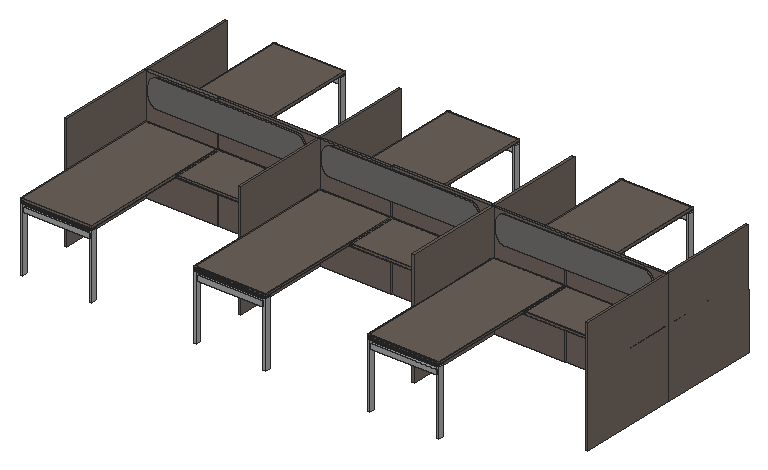
Revit family "T200179L", category Furniture, Revit 2015 (continued)
Definition of nested family "STAKS WORKSURFACE HEIGHT PEDESTAL - BOX-BOX-FILE - NO RISER SUPPORT"
  Automatic sketch dimensions
    Extrusion 13 sketch curve to plane 38 = 0.00 m
    Extrusion 13 sketch curve to plane 36 = 0.00 m
    Extrusion 13 sketch curve to Extrusion 13 sketch curve = 0.00 m  (x2)
    Extrusion 13 sketch curve to plane 16 = 0.00 m  (x2)
    plane 17 to Extrusion 13 sketch curve = 0.00 m  (x2)
Definition of nested family "STAKS SPINE OR DIVIDER WALL 48in"
  Parameters (values of type "STAKS SPINE OR DIVIDER WALL 48in X 30in")
    URL = "http://www.ofs.com/"
    Staks Spine or Divider Wall = none
    Height Above Floor [instance] = 1.2192 m
    Height = 1.2192 m
    Depth = 0.0254 m
    Model = "6-PAN-48/30"
    Manufacturer = "OFS"
    Description = "OFS STAKS SPINE OR DIVIDER WALL 48\" Height x 30\" Width, Levelers allow 2.5\" Height Adjustability for Uneven Floor"
    Width = 0.762 m
    Copyright © = "© 2018 OFS"
    Catalog = "https://ofs.com/products/casegoods/private-office/staks"
    Authoring Version = "Autodesk Revit Architecture 2013"
    Assembly Code = "E2020200"
  Types (19, lengths in m): name | Model | Description | Width
    STAKS SPINE OR DIVIDER WALL 48in X 24in | "6-PAN-48/24" | "OFS STAKS SPINE OR DIVIDER WALL 48\" Height x 24\" Width, Levelers allow 2.5\" Height Adjustability for Uneven Floor" | 0.6096
    STAKS SPINE OR DIVIDER WALL 48in X 33in | "6-PAN-48/33" | "OFS STAKS SPINE OR DIVIDER WALL 48\" Height x 33\" Width, Levelers allow 2.5\" Height Adjustability for Uneven Floor" | 0.8382
    STAKS SPINE OR DIVIDER WALL 48in X 26in | "6-PAN-48/26" | "OFS STAKS SPINE OR DIVIDER WALL 48\" Height x 26\" Width, Levelers allow 2.5\" Height Adjustability for Uneven Floor" | 0.6604
    STAKS SPINE OR DIVIDER WALL 48in X 30in | "6-PAN-48/30" | "OFS STAKS SPINE OR DIVIDER WALL 48\" Height x 30\" Width, Levelers allow 2.5\" Height Adjustability for Uneven Floor" | 0.762
    STAKS SPINE OR DIVIDER WALL 48in X 36in | "6-PAN-48/36" | "OFS STAKS SPINE OR DIVIDER WALL 48\" Height x 36\" Width, Levelers allow 2.5\" Height Adjustability for Uneven Floor" | 0.9144
    STAKS SPINE OR DIVIDER WALL 48in X 37in | "6-PAN-48/37" | "OFS STAKS SPINE OR DIVIDER WALL 48\" Height x 37\" Width, Levelers allow 2.5\" Height Adjustability for Uneven Floor" | 0.9398
    STAKS SPINE OR DIVIDER WALL 48in X 39in | "6-PAN-48/39" | "OFS STAKS SPINE OR DIVIDER WALL 48\" Height x 39\" Width, Levelers allow 2.5\" Height Adjustability for Uneven Floor" | 0.9906
    STAKS SPINE OR DIVIDER WALL 48in X 40in | "6-PAN-48/40" | "OFS STAKS SPINE OR DIVIDER WALL 48\" Height x 40\" Width, Levelers allow 2.5\" Height Adjustability for Uneven Floor" | 1.016
    STAKS SPINE OR DIVIDER WALL 48in X 42in | "6-PAN-48/42" | "OFS STAKS SPINE OR DIVIDER WALL 48\" Height x 42\" Width, Levelers allow 2.5\" Height Adjustability for Uneven Floor" | 1.0668
    STAKS SPINE OR DIVIDER WALL 48in X 44in | "6-PAN-48/44" | "OFS STAKS SPINE OR DIVIDER WALL 48\" Height x 44\" Width, Levelers allow 2.5\" Height Adjustability for Uneven Floor" | 1.1176
    STAKS SPINE OR DIVIDER WALL 48in X 45in | "6-PAN-48/45" | "OFS STAKS SPINE OR DIVIDER WALL 48\" Height x 45\" Width, Levelers allow 2.5\" Height Adjustability for Uneven Floor" | 1.143
    STAKS SPINE OR DIVIDER WALL 48in X 47in | "6-PAN-48/47" | "OFS STAKS SPINE OR DIVIDER WALL 48\" Height x 47\" Width, Levelers allow 2.5\" Height Adjustability for Uneven Floor" | 1.1938
    STAKS SPINE OR DIVIDER WALL 48in X 48in | "6-PAN-48/48" | "OFS STAKS SPINE OR DIVIDER WALL 48\" Height x 48\" Width, Levelers allow 2.5\" Height Adjustability for Uneven Floor" | 1.2192
    STAKS SPINE OR DIVIDER WALL 48in X 49in | "6-PAN-48/49" | "OFS STAKS SPINE OR DIVIDER WALL 48\" Height x 49\" Width, Levelers allow 2.5\" Height Adjustability for Uneven Floor" | 1.2446
    STAKS SPINE OR DIVIDER WALL 48in X 52in | "6-PAN-48/52" | "OFS STAKS SPINE OR DIVIDER WALL 48\" Height x 52\" Width, Levelers allow 2.5\" Height Adjustability for Uneven Floor" | 1.3208
    STAKS SPINE OR DIVIDER WALL 48in X 54in | "6-PAN-48/54" | "OFS STAKS SPINE OR DIVIDER WALL 48\" Height x 54\" Width, Levelers allow 2.5\" Height Adjustability for Uneven Floor" | 1.3716
    STAKS SPINE OR DIVIDER WALL 48in X 56in | "6-PAN-48/56" | "OFS STAKS SPINE OR DIVIDER WALL 48\" Height x 56\" Width, Levelers allow 2.5\" Height Adjustability for Uneven Floor" | 1.4224
    STAKS SPINE OR DIVIDER WALL 48in X 58in | "6-PAN-48/58" | "OFS STAKS SPINE OR DIVIDER WALL 48\" Height x 58\" Width, Levelers allow 2.5\" Height Adjustability for Uneven Floor" | 1.4732
    STAKS SPINE OR DIVIDER WALL 48in X 59in | "6-PAN-48/59" | "OFS STAKS SPINE OR DIVIDER WALL 48\" Height x 59\" Width, Levelers allow 2.5\" Height Adjustability for Uneven Floor" | 1.4986
  Reference planes (m)
    plane 1: z = -0.003175
    plane 2 "LEFT": x = 0.191897
    plane 3 "RIGHT": x = 0.953897
    plane 4 "BACK": y = -0.046575
    plane 5 "FRONT": y = -0.071975
    plane 6: x = 0.195072
    plane 7: x = 0.950722
    plane 8: y = -0.04975
    plane 9: y = -0.0688
    plane 10: z = -0.003175
    plane 11 "SURFACE TOP": z = 1.216025
  Forms (m)
    Extrusion 1, solid, material <- "Staks Spine or Divider Wall"
      sketch origin (0, 0, 0.434975) x (-1, 0, 0) y (0, -1, 0)
        loop
          line (-0.191897, 0.046575) -> (-0.191897, 0.071975) -> (-0.953897, 0.071975) -> (-0.953897, 0.046575) -> (-0.191897, 0.046575)
      from 0.78105 to -0.43815
  Lines and regions (m)
    symbolic lines
      curve 1: line (0.191897, -0.046575, 1.216025) -> (0.953897, -0.046575, 1.216025)
      curve 2: line (0.191897, -0.071975, 1.216025) -> (0.191897, -0.046575, 1.216025)
      curve 3: line (0.953897, -0.071975, 1.216025) -> (0.191897, -0.071975, 1.216025)
      curve 4: line (0.953897, -0.046575, 1.216025) -> (0.953897, -0.071975, 1.216025)
  Dimensions and locks (m)
    "Depth": plane 4 "BACK" to plane 5 "FRONT"
    "Width": plane 2 "LEFT" to plane 3 "RIGHT"
    "Height": plane 11 "SURFACE TOP" to plane 10
    locked: plane 4 "BACK" to plane 8 at 0.003175
    locked: plane 2 "LEFT" to plane 6 at 0.003175
    locked: plane 7 to plane 3 "RIGHT" at 0.003175
    locked: plane 9 to plane 5 "FRONT" at 0.003175
    "Height Above Floor": plane 11 "SURFACE TOP" to level
    aligned: level to plane 1
    aligned and locked: plane 11 "SURFACE TOP" to Extrusion 1
    aligned and locked: Extrusion 1 to plane 10
    aligned and locked: plane 4 "BACK" to Extrusion 1 sketch curve
    aligned and locked: Extrusion 1 sketch curve to plane 2 "LEFT"
    aligned and locked: Extrusion 1 sketch curve to plane 5 "FRONT"
    aligned and locked: plane 3 "RIGHT" to Extrusion 1 sketch curve
    aligned and locked: curve 1 to Extrusion 1
    aligned and locked: curve 2 to Extrusion 1
    aligned and locked: curve 3 to Extrusion 1
    aligned and locked: curve 4 to Extrusion 1
Definition of nested family "STAKS BENCHING 4 X 4 CLAMP PLATE"
  Parameters (values of type "STAKS BENCHING 4 X 4 CLAMP PLATE")
    Width = 0.1016 m
    URL = "http://www.ofs.com/"
    Model = "CP-1"
    Manufacturer = "OFS"
    Height From Floor = 0.708025 m
    Height = 0.003175 m
    Description = "OFS STAKS BENCHING 4 X 4 CLAMP PLATE, Adjoins Two Worksurfaces at Seam on Underneath Side of Worksurface"
    Depth = 0.1016 m
    Copyright © = "© 2018 OFS"
    Catalog = "https://ofs.com/products/open-plan/benching/staks"
    Bracket Material = none
    Authoring Version = "Autodesk Revit Architecture 2013"
    Assembly Code = "E2020200"
  Reference planes (m)
    plane 1: z = 0
    plane 2 "Center (Front/Back)": y = 0.051603
    plane 3 "LEFT": x = -0.4699
    plane 4 "BASE TOP": z = 0.708025
    plane 5 "RIGHT": x = -0.3683
    plane 6: z = 0.70485
    plane 7: y = 0.102403
    plane 8 "CENTER": x = -0.4191
    plane 9: y = 0.000803
  Forms (m)
    Extrusion 1, solid
      sketch origin (0, 0, 0) x (1, 0, 0) y (0, 1, 0)
        loop
          arc (-0.46355, 0.102403) -> (-0.46804, 0.100543) -> (-0.4699, 0.096053) r 0.00635
          line (-0.4699, 0.096053) -> (-0.4699, 0.007153)
          arc (-0.4699, 0.007153) -> (-0.46804, 0.002662) -> (-0.46355, 0.000803) r 0.00635
          line (-0.46355, 0.000803) -> (-0.37465, 0.000803)
          arc (-0.37465, 0.000803) -> (-0.37016, 0.002662) -> (-0.3683, 0.007153) r 0.00635
          line (-0.3683, 0.007153) -> (-0.3683, 0.096053)
          arc (-0.3683, 0.096053) -> (-0.37016, 0.100543) -> (-0.37465, 0.102403) r 0.00635
          line (-0.37465, 0.102403) -> (-0.46355, 0.102403)
        loop
          circle (-0.461716, 0.094219) r 0.002381
        loop
          circle (-0.450583, 0.083085) r 0.002381
        loop
          circle (-0.461716, 0.008986) r 0.002381
        loop
          circle (-0.450583, 0.02012) r 0.002381
        loop
          circle (-0.376484, 0.008986) r 0.002381
        loop
          circle (-0.387617, 0.02012) r 0.002381
        loop
          circle (-0.376484, 0.094219) r 0.002381
        loop
          circle (-0.387617, 0.083085) r 0.002381
      from 0.70485 to 0.708025
  Dimensions and locks (m)
    "Height From Floor": plane 4 "BASE TOP" to plane 1
    "Height": plane 4 "BASE TOP" to plane 6
    equal spacing: plane 3 "LEFT", plane 8 "CENTER", plane 5 "RIGHT"
    equal spacing: plane 9, plane 2 "Center (Front/Back)", plane 7
    "Width": plane 3 "LEFT" to plane 5 "RIGHT"
    "Depth": plane 9 to plane 7
    aligned and locked: level to plane 1
    aligned and locked: plane 7 to Extrusion 1 sketch curve
    aligned and locked: plane 3 "LEFT" to Extrusion 1 sketch curve
    aligned and locked: Extrusion 1 sketch curve to plane 9
    aligned and locked: Extrusion 1 sketch curve to plane 5 "RIGHT"
    aligned and locked: Extrusion 1 to plane 4 "BASE TOP"
    aligned and locked: plane 6 to Extrusion 1
  Automatic sketch dimensions
    plane 3 "LEFT" to Extrusion 1 sketch curve = 0.00635 m  (x2)
    Extrusion 1 sketch curve to plane 9 = 0.00635 m
    Extrusion 1 sketch curve to plane 5 "RIGHT" = 0.00635 m
    Extrusion 1 sketch curve to Extrusion 1 sketch curve = 0.001834 m  (x8)
    Extrusion 1 sketch curve to Extrusion 1 sketch curve = 0.011134 m  (x4)
    Extrusion 1 sketch curve to Extrusion 1 sketch curve = 0.012967 m  (x4)
    radius of Extrusion 1 sketch curve = 0.002381 m  (x8)
Definition of nested family "STAKS BENCHING CANTILEVER WORKSURFACE BRACKET - OPEN"
  Parameters (values of type "CANTILEVER WORKSURFACE BRACKET - OPEN 22in")
    Width = 0.0381 m
    URL = "http://www.ofsbrands.com/"
    Model = "OWSBKT22"
    Manufacturer = "FIRST OFFICE"
    Height From Floor = 0.708025 m
    Height = 0.1778 m
    Description = "OFS BRANDS FIRST OFFICE STAKS BENCHING CANTILEVER WORKSURFACE BRACKET - Open Cantilever Worksurface Bracket for 22\"W Top"
    Depth = 0.4064 m
    Copyright © = "© 2018 OFS BRANDS"
    Catalog = "http://www.firstoffice.com/products/crossover/staks_benching/"
    Bracket Material = none
    Authoring Version = "Autodesk Revit Architecture 2013"
    Assembly Code = "E2020200"
    Alpha = 0.015875 m
  Types (4, lengths in m): name | URL | Model | Manufacturer | Description | Depth | Copyright © | Catalog | Alpha
    CANTILEVER WORKSURFACE BRACKET - OPEN 14in | "http://www.ofsbrands.com/" | "OWSBKT14" | "FIRST OFFICE" | "OFS BRANDS FIRST OFFICE STAKS BENCHING CANTILEVER WORKSURFACE BRACKET - Open Cantilever Worksurface Bracket for 14\"W Top" | 0.2794 | "© 2018 OFS BRANDS" | "http://www.firstoffice.com/products/crossover/staks_benching/" | 0.0127
    CANTILEVER WORKSURFACE BRACKET - OPEN 22in | "http://www.ofsbrands.com/" | "OWSBKT22" | "FIRST OFFICE" | "OFS BRANDS FIRST OFFICE STAKS BENCHING CANTILEVER WORKSURFACE BRACKET - Open Cantilever Worksurface Bracket for 22\"W Top" | 0.4064 | "© 2018 OFS BRANDS" | "http://www.firstoffice.com/products/crossover/staks_benching/" | 0.015875
    CANTILEVER WORKSURFACE BRACKET - OPEN 30in | "http://www.ofsbrands.com/" | "OWSBKT30" | "FIRST OFFICE" | "OFS BRANDS FIRST OFFICE STAKS BENCHING CANTILEVER WORKSURFACE BRACKET - Open Cantilever Worksurface Bracket for 30\"W Top" | 0.5588 | "© 2018 OFS BRANDS" | "http://www.firstoffice.com/products/crossover/staks_benching/" | 0.022225
    STAKS CANTILEVER WORKSURFACE BRACKET - OPEN 36in | "http://www.ofs.com/" | "OWSBKT36" | "OFS" | "OFS STAKS BENCHING CANTILEVER WORKSURFACE BRACKET - Open Cantilever Worksurface Bracket for 36\"W Top" | 0.7112 | "© 2018 OFS" | "https://ofs.com/products/open-plan/benching/staks" | 0.0254
  Reference planes (m)
    plane 1: z = 0
    plane 2 "Center (Front/Back)": y = -0.130166
    plane 3 "LEFT": x = -0.43815
    plane 4 "BASE TOP": z = 0.708025
    plane 5 "RIGHT": x = -0.40005
    plane 6: z = 0.530225
    plane 7: y = 0.073034
    plane 8 "CENTER": x = -0.4191
    plane 9: y = -0.333366
    plane 10: z = 0.657225
    plane 11: y = 0.022234
    plane 12: z = 0.542925
    plane 13: y = -0.320666
    plane 14: x = -0.415925
    plane 15: x = -0.422275
    plane 16: y = -0.304791
  Forms (m)
    Extrusion 1, solid, material <- "Bracket Material"
      sketch origin (-0.4191, 0, 0) x (0, 1, 0) y (0, 0, 1)
        loop
          line (-0.333366, 0.708025) -> (-0.333366, 0.706636) -> (0.021658, 0.706636) -> (0.071645, 0.65665) -> (0.071645, 0.530225) -> (0.073034, 0.530225) -> (0.073034, 0.657225) -> (0.022234, 0.708025) -> (-0.333366, 0.708025)
      from -0.01905 to 0.01905
    Extrusion 2, solid
      sketch origin (-0.4191, 0, 0) x (0, 1, 0) y (0, 0, 1)
        loop
          line (0.071645, 0.542925) -> (0.071645, 0.550387) -> (-0.304791, 0.706636) -> (-0.320666, 0.706636) -> (0.071645, 0.542925)
      from -0.003175 to 0.003175
    Extrusion 3, void
      sketch origin (0, -0.130166, 0) x (1, 0, 0) y (0, 0, 1)
        loop
          circle (-0.431592, 0.593736) r 0.002381
        loop
          circle (-0.431592, 0.649458) r 0.002381
        loop
          circle (-0.431592, 0.537992) r 0.002381
        loop
          line (-0.408989, 0.624334) -> (-0.408989, 0.620111)
          arc (-0.408989, 0.620111) -> (-0.406608, 0.61773) -> (-0.404226, 0.620111) r 0.002381
          line (-0.404226, 0.620111) -> (-0.404226, 0.624334)
          arc (-0.404226, 0.624334) -> (-0.406608, 0.626715) -> (-0.408989, 0.624334) r 0.002381
        loop
          arc (-0.408989, 0.563116) -> (-0.406608, 0.560735) -> (-0.404226, 0.563116) r 0.002381
          line (-0.404226, 0.563116) -> (-0.404226, 0.567339)
          arc (-0.404226, 0.567339) -> (-0.406608, 0.56972) -> (-0.408989, 0.567339) r 0.002381
          line (-0.408989, 0.567339) -> (-0.408989, 0.563116)
      from -0.2032 to -0.088325
    Extrusion 4, void
      sketch origin (0, 0, 0) x (1, 0, 0) y (0, 1, 0)
        loop
          circle (-0.430179, 0.00636) r 0.002381
        loop
          circle (-0.408021, -0.04444) r 0.002381
        loop
          circle (-0.430179, -0.09524) r 0.002381
        loop
          circle (-0.408021, -0.14604) r 0.002381
        loop
          circle (-0.430179, -0.19684) r 0.002381
        loop
          circle (-0.408021, -0.24764) r 0.002381
        loop
          circle (-0.430179, -0.29844) r 0.002381
        loop
          circle (-0.408021, -0.34924) r 0.002381
        loop
          circle (-0.430179, -0.40004) r 0.002381
        loop
          circle (-0.408021, -0.45084) r 0.002381
        loop
          circle (-0.430179, -0.50164) r 0.002381
        loop
          circle (-0.408021, -0.55244) r 0.002381
        loop
          circle (-0.430179, -0.60324) r 0.002381
        loop
          circle (-0.408021, -0.65404) r 0.002381
        loop
          circle (-0.430179, -0.70484) r 0.002381
        loop
          circle (-0.408021, -0.75564) r 0.002381
      from 0.635927 to 0.742444
    Extrusion 5, void, not visible
      sketch origin (0, 0, 0) x (1, 0, 0) y (0, 1, 0)
        loop
          circle (-0.430179, 0.00636) r 0.002381
        loop
          circle (-0.408021, -0.04444) r 0.002381
        loop
          circle (-0.430179, -0.09524) r 0.002381
        loop
          circle (-0.408021, -0.14604) r 0.002381
        loop
          circle (-0.430179, -0.19684) r 0.002381
        loop
          circle (-0.408021, -0.24764) r 0.002381
        loop
          circle (-0.430179, -0.29844) r 0.002381
        loop
          circle (-0.408021, -0.34924) r 0.002381
        loop
          circle (-0.430179, -0.40004) r 0.002381
        loop
          circle (-0.408021, -0.45084) r 0.002381
        loop
          circle (-0.430179, -0.50164) r 0.002381
        loop
          circle (-0.408021, -0.55244) r 0.002381
        loop
          circle (-0.430179, -0.60324) r 0.002381
        loop
          circle (-0.408021, -0.65404) r 0.002381
        loop
          circle (-0.430179, -0.70484) r 0.002381
        loop
          circle (-0.408021, -0.75564) r 0.002381
      from 0.635927 to 0.742444
  Cuts and joins
    Extrusion 3, Extrusion 4 cuts Extrusion 1
  Dimensions and locks (m)
    "Height From Floor": plane 4 "BASE TOP" to plane 1
    "Height": plane 4 "BASE TOP" to plane 6
    equal spacing: plane 3 "LEFT", plane 8 "CENTER", plane 5 "RIGHT"
    equal spacing: plane 9, plane 2 "Center (Front/Back)", plane 7
    "Width": plane 3 "LEFT" to plane 5 "RIGHT"
    "Depth": plane 9 to plane 7
    locked: plane 4 "BASE TOP" to plane 10 at 0.0508
    locked: plane 7 to plane 11 at 0.0508
    locked: plane 13 to plane 9 at 0.0127
    locked: plane 6 to plane 12 at 0.0127
    plane 14 to plane 8 "CENTER" to plane 15 = 0.003175 m locked, 0.003175 m locked
    "Alpha": plane 16 to plane 13
    aligned and locked: level to plane 1
    aligned and locked: plane 4 "BASE TOP" to Extrusion 1 sketch curve
    aligned and locked: plane 7 to Extrusion 1 sketch curve
    aligned and locked: plane 9 to Extrusion 1 sketch curve
    aligned and locked: plane 6 to Extrusion 1 sketch curve
    aligned and locked: Extrusion 1 to plane 3 "LEFT"
    aligned and locked: plane 5 "RIGHT" to Extrusion 1
    aligned and locked: Extrusion 2 sketch curve to Extrusion 1
    aligned and locked: plane 15 to Extrusion 2
    aligned and locked: plane 14 to Extrusion 2
    aligned and locked: Extrusion 1 to Extrusion 2 sketch curve
    aligned and locked: Extrusion 3 to plane 7
  Automatic sketch dimensions
    plane 7 to Extrusion 1 sketch curve = 0.001389 m
    Extrusion 1 sketch curve to plane 11 = 0.00 m
    plane 10 to Extrusion 1 sketch curve = 0.00 m
    plane 11 to Extrusion 1 sketch curve = 0.000575 m
    plane 10 to Extrusion 1 sketch curve = 0.000575 m
    plane 4 "BASE TOP" to Extrusion 1 sketch curve = 0.001389 m
    Extrusion 2 sketch curve to plane 13 = 0.00 m
    plane 12 to Extrusion 2 sketch curve = 0.00 m
    Extrusion 2 sketch curve to plane 16 = 0.00 m
    Extrusion 2 sketch curve to Extrusion 2 sketch curve = 0.007462 m
    plane 14 to Extrusion 3 sketch curve = 0.006936 m
    Extrusion 3 sketch curve to plane 5 "RIGHT" = 0.004176 m  (x2)
    Extrusion 3 sketch curve to plane 12 = 0.020191 m
    Extrusion 3 sketch curve to Extrusion 3 sketch curve = 0.004763 m
    plane 3 "LEFT" to Extrusion 3 sketch curve = 0.006558 m  (x3)
    Extrusion 3 sketch curve to Extrusion 3 sketch curve = 0.004223 m  (x2)
    plane 10 to Extrusion 3 sketch curve = 0.037114 m
    plane 12 to Extrusion 3 sketch curve = 0.004933 m
    Extrusion 3 sketch curve to Extrusion 3 sketch curve = 0.026375 m
    plane 10 to Extrusion 3 sketch curve = 0.007767 m
    Extrusion 4 sketch curve to Extrusion 4 sketch curve = 0.0508 m  (x15)
    Extrusion 4 sketch curve to Extrusion 4 sketch curve = 0.00 m  (x7)
    Extrusion 4 sketch curve to Extrusion 4 sketch curve = 0.022157 m  (x8)
    Extrusion 5 sketch curve to Extrusion 5 sketch curve = 0.0508 m  (x15)
    Extrusion 5 sketch curve to Extrusion 5 sketch curve = 0.00 m  (x7)
    Extrusion 5 sketch curve to Extrusion 5 sketch curve = 0.022157 m  (x8)
    radius of Extrusion 3 sketch curve = 0.002381 m  (x3)
    radius of Extrusion 4 sketch curve = 0.002381 m  (x16)
    radius of Extrusion 5 sketch curve = 0.002381 m  (x16)
Definition of nested family "STAKS BENCHING CANTILEVER WORKSURFACE BRACKET - MINI CONCEALED"
  Parameters (values of type "STAKS CANTILEVER WORKSURFACE BRACKET - MINI CONCEALED")
    Width = 0.0381 m
    URL = "http://www.ofs.com/"
    Model = "WSBKTC"
    Manufacturer = "OFS"
    Height From Floor = 0.708025 m
    Height = 0.0889 m
    Description = "OFS STAKS BENCHING CANTILEVER WORKSURFACE BRACKET - Low Profile Concealed Cantilever Bracket"
    Depth = 0.0889 m
    Copyright © = "© 2018 OFS"
    Catalog = "https://ofs.com/products/open-plan/benching/staks"
    Bracket Material = none
    Authoring Version = "Autodesk Revit Architecture 2013"
    Assembly Code = "E2020200"
  Reference planes (m)
    plane 1: z = 0
    plane 2 "Center (Front/Back)": y = 0.028584
    plane 3 "LEFT": x = -0.43815
    plane 4 "BASE TOP": z = 0.708025
    plane 5 "RIGHT": x = -0.40005
    plane 6: z = 0.619125
    plane 7: y = 0.073034
    plane 8 "CENTER": x = -0.4191
    plane 9: y = -0.015866
    plane 10: z = 0.682625
    plane 11: y = 0.047634
    plane 12: z = 0.631825
    plane 13: y = -0.003166
    plane 14: x = -0.415925
    plane 15: x = -0.422275
    plane 16: y = 0.012709
  Forms (m)
    Extrusion 1, solid, material <- "Bracket Material"
      sketch origin (-0.4191, 0, 0) x (0, 1, 0) y (0, 0, 1)
        loop
          line (-0.015866, 0.708025) -> (-0.015866, 0.706636) -> (0.047058, 0.706636) -> (0.071645, 0.68205) -> (0.071645, 0.619125) -> (0.073034, 0.619125) -> (0.073034, 0.682625) -> (0.047634, 0.708025) -> (-0.015866, 0.708025)
      from -0.01905 to 0.01905
    Extrusion 2, void
      sketch origin (0, 0.028584, 0) x (1, 0, 0) y (0, 0, 1)
        loop
          circle (-0.431592, 0.66438) r 0.002381
        loop
          circle (-0.406608, 0.638462) r 0.002381
      from -0.04445 to -0.027963
    Extrusion 3, void
      sketch origin (0, 0, 0) x (1, 0, 0) y (0, 1, 0)
        loop
          circle (-0.430179, 0.027791) r 0.002381
        loop
          circle (-0.408021, -0.003165) r 0.002381
      from 0.635927 to 0.742444
  Cuts and joins
    Extrusion 2, Extrusion 3 cuts Extrusion 1
  Dimensions and locks (m)
    "Height From Floor": plane 4 "BASE TOP" to plane 1
    "Height": plane 4 "BASE TOP" to plane 6
    equal spacing: plane 3 "LEFT", plane 8 "CENTER", plane 5 "RIGHT"
    equal spacing: plane 9, plane 2 "Center (Front/Back)", plane 7
    "Width": plane 3 "LEFT" to plane 5 "RIGHT"
    "Depth": plane 9 to plane 7
    locked: plane 4 "BASE TOP" to plane 10 at 0.0254
    locked: plane 7 to plane 11 at 0.0254
    locked: plane 13 to plane 9 at 0.0127
    locked: plane 6 to plane 12 at 0.0127
    plane 14 to plane 8 "CENTER" to plane 15 = 0.003175 m locked, 0.003175 m locked
    plane 16 to plane 13 = 0.015875 m
    aligned and locked: level to plane 1
    aligned and locked: plane 4 "BASE TOP" to Extrusion 1 sketch curve
    aligned and locked: plane 7 to Extrusion 1 sketch curve
    aligned and locked: plane 9 to Extrusion 1 sketch curve
    aligned and locked: plane 6 to Extrusion 1 sketch curve
    aligned and locked: Extrusion 1 to plane 3 "LEFT"
    aligned and locked: plane 5 "RIGHT" to Extrusion 1
    aligned and locked: Extrusion 2 to plane 7
  Automatic sketch dimensions
    plane 7 to Extrusion 1 sketch curve = 0.001389 m
    Extrusion 1 sketch curve to plane 11 = 0.00 m
    plane 10 to Extrusion 1 sketch curve = 0.00 m
    plane 11 to Extrusion 1 sketch curve = 0.000575 m
    plane 10 to Extrusion 1 sketch curve = 0.000575 m
    plane 4 "BASE TOP" to Extrusion 1 sketch curve = 0.001389 m
    Extrusion 3 sketch curve to Extrusion 3 sketch curve = 0.030956 m
    plane 3 "LEFT" to Extrusion 2 sketch curve = 0.006558 m
    Extrusion 2 sketch curve to plane 5 "RIGHT" = 0.006558 m
    Extrusion 2 sketch curve to plane 12 = 0.006637 m
    Extrusion 2 sketch curve to Extrusion 2 sketch curve = 0.025918 m
    plane 15 to Extrusion 3 sketch curve = 0.007904 m
    plane 14 to Extrusion 3 sketch curve = 0.007904 m
    Extrusion 3 sketch curve to plane 9 = 0.012701 m
    radius of Extrusion 3 sketch curve = 0.002381 m  (x2)
    radius of Extrusion 2 sketch curve = 0.002381 m  (x2)
Definition of nested family "STAKS FABRIC TACKBOARD WITH ROUNDED CORNERS FOR SPINE OR DIVIDER WALL"
  Parameters (values of type "STAKS FABRIC TACKBOARD WITH ROUNDED CORNERS FOR SPINE OR DIVIDER WALL 18H x 49-73.9375W.")
    URL = "http://www.ofs.com/"
    Staks Fabric Tackboard = none
    Height Above Floor [instance] = 1.2065 m
    Height = 0.30 m
    Depth = 0.0127 m
    Model = "FTR10B"
    Manufacturer = "OFS"
    Description = "OFS STAKS FABRIC TACKBOARD WITH ROUNDED CORNERS FOR SPINE OR DIVIDER WALL 18\" Height X 49\" - 73.9375\" Width, Any Width in 1/8\" Increments available within Ranges Shown"
    Width = 1.67 m
    Copyright © = "© 2018 OFS"
    Catalog = "https://ofs.com/products/casegoods/private-office/staks"
    Authoring Version = "Autodesk Revit Architecture 2013"
    Assembly Code = "E2020200"
  Reference planes (m)
    plane 1: z = -0.003175
    plane 2 "LEFT": x = 0.191897
    plane 3 "RIGHT": x = 1.861897
    plane 4 "BACK": y = -0.046575
    plane 5 "FRONT": y = -0.059275
    plane 6: x = 0.195072
    plane 7: x = 1.858722
    plane 8: y = -0.04975
    plane 9: y = -0.0561
    plane 10: z = 0.903325
    plane 11 "SURFACE TOP": z = 1.203325
  Forms (m)
    Extrusion 1, solid, material <- "Staks Fabric Tackboard"
      sketch origin (0, 0.012709, 0) x (1, 0, 0) y (0, 0, 1)
        loop
          arc (1.760297, 0.903325) -> (1.832139, 0.933083) -> (1.861897, 1.004925) r 0.1016
          line (1.861897, 1.004925) -> (1.861897, 1.101725)
          arc (1.861897, 1.101725) -> (1.832139, 1.173567) -> (1.760297, 1.203325) r 0.1016
          line (1.760297, 1.203325) -> (0.293497, 1.203325)
          arc (0.293497, 1.203325) -> (0.221654, 1.173567) -> (0.191897, 1.101725) r 0.1016
          line (0.191897, 1.101725) -> (0.191897, 1.004925)
          arc (0.191897, 1.004925) -> (0.221654, 0.933083) -> (0.293497, 0.903325) r 0.1016
          line (0.293497, 0.903325) -> (1.760297, 0.903325)
      from 0.071984 to 0.059284
  Dimensions and locks (m)
    "Depth": plane 4 "BACK" to plane 5 "FRONT"
    "Width": plane 2 "LEFT" to plane 3 "RIGHT"
    "Height": plane 11 "SURFACE TOP" to plane 10
    locked: plane 4 "BACK" to plane 8 at 0.003175
    locked: plane 2 "LEFT" to plane 6 at 0.003175
    locked: plane 7 to plane 3 "RIGHT" at 0.003175
    locked: plane 9 to plane 5 "FRONT" at 0.003175
    "Height Above Floor": plane 11 "SURFACE TOP" to level
    aligned: level to plane 1
    aligned and locked: plane 10 to Extrusion 1 sketch curve
    aligned and locked: Extrusion 1 sketch curve to plane 3 "RIGHT"
    aligned and locked: Extrusion 1 sketch curve to plane 11 "SURFACE TOP"
    aligned and locked: plane 2 "LEFT" to Extrusion 1 sketch curve
    aligned and locked: Extrusion 1 to plane 5 "FRONT"
    aligned and locked: plane 4 "BACK" to Extrusion 1
  Automatic sketch dimensions
    plane 10 to Extrusion 1 sketch curve = 0.1016 m
    plane 6 to Extrusion 1 sketch curve = 0.098425 m  (x2)
    Extrusion 1 sketch curve to plane 7 = 0.098425 m
